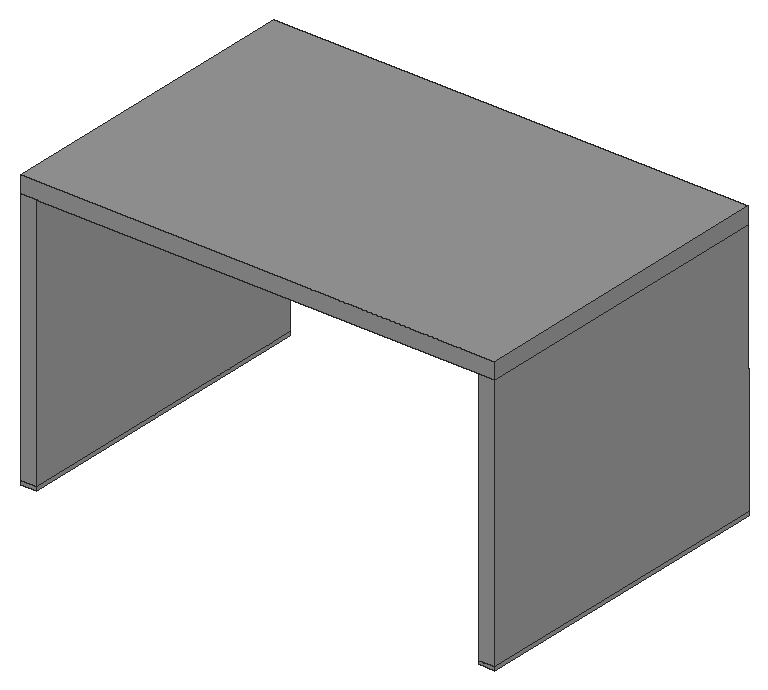
Revit family "Cocoon Community Table 48x72x42", category Generic Models, Revit 2018
Family settings
  Can host rebar = No
  Round Connector Dimension = Use Diameter
  Part Type = Normal
  Work Plane-Based = No
  Always vertical = Yes
  Cut with Voids When Loaded = No
  Shared = No
  Room Calculation Point = No
Parameters
  Frame = Cocoon Community Table 48x72x42 Frame
  Surface = Cocoon Community Table 48x72x42 Surface
Reference planes (in)
  plane 1 "Center (Front/Back)": y = 0
  plane 2: z = 0
  plane 3 "Center (Left/Right)": x = 0
Forms (in)
  Extrusion 1, solid, material "Cocoon Community Table 48x72x42 Frame" <- "Frame"
    sketch origin (0, 0, 0) x (1, 0, 0) y (0, 0, 1)
      loop
        line (-36, 0.5) -> (-36, 0) -> (-33.5, 0) -> (-33.5, 0.5) -> (-36, 0.5)
      loop
        line (33.5, 0.5) -> (33.5, 0) -> (36, 0) -> (36, 0.5) -> (33.5, 0.5)
    from -24 to 24
  Extrusion 2, solid, material "Cocoon Community Table 48x72x42 Surface" <- "Surface"
    sketch origin (0, 0, 13) x (1, 0, 0) y (0, 0, 1)
      loop
        line (-36, 29) -> (-36, 26.5) -> (36, 26.5) -> (36, 29) -> (-36, 29)
    from -24 to 24
  Extrusion 3, solid, material "Cocoon Community Table 48x72x42 Frame" <- "Frame"
    sketch origin (0, 0, 0) x (1, 0, 0) y (0, 0, 1)
      loop
        line (-36, 39.5) -> (-36, 0.5) -> (-33.5, 0.5) -> (-33.5, 39.5) -> (-36, 39.5)
      loop
        line (33.5, 39.5) -> (33.5, 0.5) -> (36, 0.5) -> (36, 39.5) -> (33.5, 39.5)
    from -24 to 24
Dimensions and locks (in)
  aligned and locked: level to plane 2
